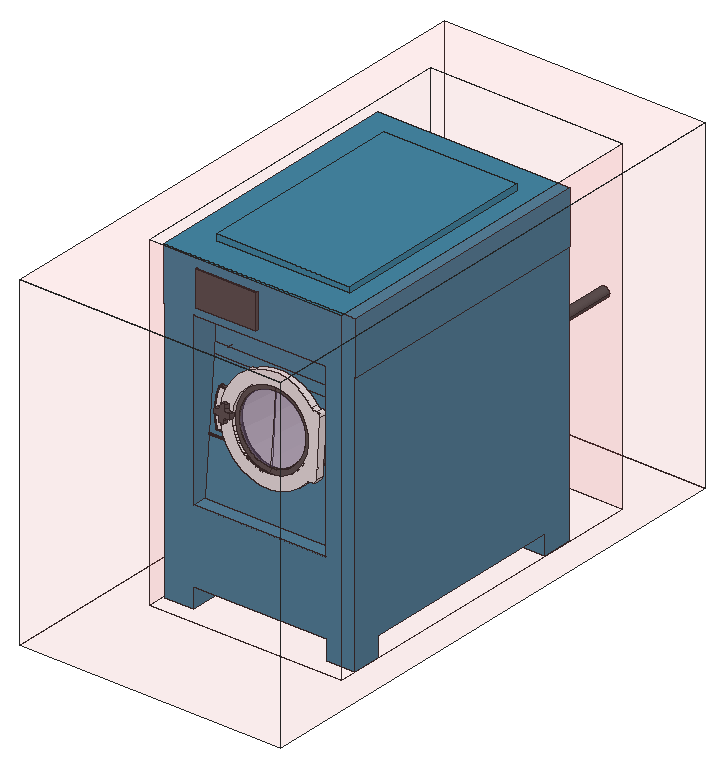
Revit family "Washer_Milnor_60lb-Capacity_MWF27", category Mechanical Equipment, Revit 2023
Family settings
  Round Connector Dimension = Use Diameter
  Part Type = Normal
  OmniClass Number = 23.45.70.11.14.11
  OmniClass Title = Washing Machines
  Work Plane-Based = Yes
  Always vertical = No
  Cut with Voids When Loaded = No
  Maintain Annotation Orientation = No
  Shared = No
  Room Calculation Point = No
Parameters (values of type "mwf27jab2014045d")
  doorgas = Door Opening + 0' 2 1/2"  # 1' - 6"
  Warranty Duration (Years) = 5
  Voltage_MEP = 44.5935 V
  Vibration Frequency = 0
  Unit Width = 3' - 3"
  Unit Weight = 1851
  Unit Height = 5' - 5 1/2"
  Unit Depth = 5' - 10 5/8"
  URL = "http://www.milnor.com/"
  Suspension Type = "Suspended"
  Standard Soap Chute = no
  Specification = "https://www.arcat.com/sd/clients/pellerin.html"
  SpecWizard = "https://www.arcat.com/specwizard/11110pmc/index04.htm"
  Send Message = "http://www.arcat.com/users.pl?action=UserEmail&company=Pellerin+Milnor+Corp.&coid=34740&rep=108&fax=504-468-3094&mf="
  Sales Information = "http://www.milnor.com/contact_us.aspx"
  Revision = "R1_08-2018"
  Product Properties = "https://www.arcat.com/arcatcos/cos34/arc34740.html"
  Product Data = "http://www.arcat.com/arcatcos/cos34/arc34740.html"
  Phase = 3
  Number of Poles = 1
  Model = "mwf27jab2014045d"
  Manufacturer Website = "http://www.milnor.com/"
  Manufacturer Phone - Toll Free = "800-469-8780"
  Manufacturer Phone = "504-467-9591"
  Manufacturer Fax = "504-468-3094"
  Manufacturer Address = "700 Jackson St.   Kenner, LA 70062"
  Manufacturer = "Pellerin Milnor Corp"
  Maintenance Schedule (Months) = 0
  MEP Amperage = 18.5 A
  Keynote = "11110"
  Interior Finish [instance] = Metal - Stainless Steel - Milnor - as Specified
  Installation-Fabrication = "https://www.arcat.com/catalogs/pellerin/pellerin.html"
  Installation Phase = ""
  Green Building-LEED = "https://www.arcat.com/green/green_building.shtml"
  Frequency = 60 Hz
  Extraction G-Force = "300 Gs"
  Expected Lifespan (Years) = 12
  Dynamic Load = 0.00 kip
  Drawn By = "Sumex Design, Inc. / Robert S. Weygant, CSI, CDT, SCIP"
  Door Opening = 1' - 3 1/2"
  Door Opening Depth = 1' - 5 3/4"
  Door Glazing [instance] = Glazing - Milnor - as Specified
  Door Finish [instance] = Metal - Stainless Steel - Milnor - Powder Coat as Specified
  Clearance Visible [instance] = yes
  Cabinet Front Doodads [instance] = Paint - Milnor - Black
  Description = "Milnor Commercial Washer Extractor"
  Default Elevation = 4' - 0"
  Cylinder Volume = 0.00 CF
  Cylinder Diameter = 2' - 6"
  Cylinder Depth = 1' - 10"
  Door Base from FF = 2' - 3 3/4"
  Copyright = "©Arcat Inc."
  Construction Details = "https://www.arcat.com/catalogs/pellerin/pellerin.html"
  Capacity = "60 lb"
  Cabinet Finish [instance] = Paint - Milnor - Blue
  Assembly Code = "E1010610"
  5 Compartment Supply = yes
Reference planes (in)
  plane 1 "Center (Front/Back)": y = 0
  plane 2 "Bottom": z = 0
  plane 3 "Center (Left/Right)": x = 0
  plane 4 "Front": y = -35.3125
  plane 5 "Back": y = 35.3125
  plane 6 "Left": x = -19.5
  plane 7 "Right": x = 19.5
  plane 8 "Top": z = 65.5
  plane 9: y = -53.0625
  plane 10: z = 27.75
  plane 11: y = 24.6875
  plane 12: x = -20.5
  plane 13: z = 78.98252
  plane 14: y = -28.3125
  plane 15: y = 2.95881
  plane 16: z = 70.35752
  plane 17: x = -15.875
  plane 18: x = 15.875
  plane 19: y = -25.35369
  plane 20: y = -4.58498
Forms (in)
  Extrusion 1, solid, material "Paint - Milnor - Blue" <- "Cabinet Finish"
    sketch origin (0, 0, 0) x (1, 0, 0) y (0, 0, 1)
      loop
        line (-19.5, 64.35752) -> (-19.5, 53.60752) -> (-19.1875, 53.60752) -> (-19.1875, 4) -> (19.1875, 4) -> (19.1875, 53.60752) -> (19.5, 53.60752) -> (19.5, 64.35752) -> (-19.5, 64.35752)
      loop
        line (-13.35373, 53.60752) -> (-13.35373, 19) -> (13.39627, 19) -> (13.39627, 53.60752) -> (-13.35373, 53.60752)
    from -21.95881 to 32.32761
  Extrusion 2, solid, material "Paint - Milnor - Blue" <- "Cabinet Finish"
    sketch origin (0, 0, 0) x (0, 1, 0) y (0, 0, 1)
      loop
        line (-30.5625, 6.82843) -> (21.95881, 6.82843) -> (21.95881, 15.82843) -> (21.19399, 15.82843) -> (21.19399, 53.60752) -> (-27.18521, 53.60752) -> (-27.18521, 46.47883)
        arc (-27.18521, 46.47883) -> (-27.20806, 45.43197) -> (-27.27654, 44.3871) r 24
        line (-27.27654, 44.3871) -> (-30.5625, 6.82843)
    from -15.22873 to 15.27127
  Extrusion 3, solid, material "Metal - Stainless Steel - Milnor - Powder Coat as Specified" <- "Door Finish"
    sketch origin (0, -30.5625, 6.82843) x (0, 0.087156, 0.996195) y (-1, 0, 0)
      loop
        circle (29.17799, 0) r 7.75
      loop
        arc (34.67948, -9.62729) -> (35.16456, -9.42637) -> (35.36549, -8.94129) r 0.68601
        line (35.36549, -8.94129) -> (35.36549, -8.65149)
        arc (35.36549, -8.65149) -> (35.47478, -8.19692) -> (35.77875, -7.84171) r 1
        arc (35.77875, -7.84171) -> (29.17799, 10.25) -> (22.57722, -7.84171) r 10.25
        arc (22.57722, -7.84171) -> (22.8812, -8.19692) -> (22.99049, -8.65149) r 1
        line (22.99049, -8.65149) -> (22.99049, -8.93979)
        arc (22.99049, -8.93979) -> (23.19185, -9.42593) -> (23.67799, -9.62729) r 0.6875
        line (23.67799, -9.62729) -> (34.67948, -9.62729)
    from 0 to 1.5
  Revolve 4, void
    sketch origin (0, 0, 0) x (0, 1, 0) y (0, 0, 1)
      loop
        line (-29.01567, 35.98254) -> (-5.35604, 33.91259) -> (-4.04871, 48.85551) -> (-25.96499, 50.77294) -> (-26.59687, 43.55053) -> (-28.34021, 43.70305) -> (-29.01567, 35.98254)
      axis (-29.01567, 35.98254) -> (-5.35604, 33.91259)
    angle from 0 to 360
  Extrusion 5, solid, material "Paint - Milnor - Black" <- "Cabinet Front Doodads"
    sketch origin (0, -32.32761, 0) x (1, 0, 0) y (0, 0, 1)
      loop
        line (-12.76387, 62.23611) -> (-12.76387, 55.23611) -> (-0.51387, 55.23611) -> (-0.51387, 62.23611) -> (-12.76387, 62.23611)
    from 0 to 0.33794
  Revolve 6, solid, material "Paint - Milnor - Black" <- "Cabinet Front Doodads"
    sketch origin (0, 0, 0) x (0, 1, 0) y (0, 0, 1)
      loop
        line (-27.84211, 43.65947) -> (-28.34021, 43.70305) -> (-28.42736, 42.70686) -> (-27.92927, 42.66328) -> (-27.84211, 43.65947)
      axis (-29.01567, 35.98254) -> (-28.51757, 35.93896)
    angle from 0 to 360
  Revolve 7, solid, material "Glazing - Milnor - as Specified" <- "Door Glazing"
    sketch origin (0, 0, 0) x (0, 1, 0) y (0, 0, 1)
      loop
        line (-28.51757, 35.93896) -> (-27.92927, 42.66328) -> (-28.30284, 42.69596) -> (-28.89114, 35.97165) -> (-28.51757, 35.93896)
      axis (-28.89114, 35.97165) -> (-28.51757, 35.93896)
    angle from 0 to 360
  Extrusion 8, solid, material "Paint - Milnor - Black"
    sketch origin (0, 0, 12) x (1, 0, 0) y (0, 0, 1)
      loop
        circle (15.8125, 26.25) r 0.375
      loop
        circle (15.8125, 22.125) r 0.375
      loop
        circle (15.8125, 18) r 0.375
      loop
        circle (15.8125, 13.875) r 0.375
      loop
        circle (15.8125, 8.875) r 0.375
    from -23.69767 to -21.19399
  Extrusion 9, solid, material "Paint - Milnor - Black"
    sketch origin (0, 0, 0) x (1, 0, 0) y (0, 0, 1)
      loop
        circle (-8, 10.6875) r 1.5
      loop
        circle (0, 37.95275) r 1.5
    from -23.69767 to -21.19399
  Extrusion 10, solid, material "Paint - Milnor - Black"
    sketch origin (0, 0, 12) x (1, 0, 0) y (0, 0, 1)
      loop
        circle (15.8125, 26.25) r 1
    from -35.3125 to -23.69767
  Extrusion 11, solid, material "Paint - Milnor - Black"
    sketch origin (0, 0, 0) x (1, 0, 0) y (0, 0, 1)
      loop
        circle (-17.625, 46.25) r 0.25
    from -21.95881 to -21.19399
  Extrusion 12, solid, material "Paint - Milnor - Black" <- "Cabinet Front Doodads", visible <- "5 Compartment Supply"
    sketch origin (0, 0, 0) x (0, 1, 0) y (0, 0, 1)
      loop
        line (-14.3125, 63.37839) -> (-14.3125, 55.37839) -> (2.25, 55.37839) -> (2.25, 63.37839) -> (-14.3125, 63.37839)
    from -19.5 to -19.68506
  Extrusion 13, solid, material "Paint - Milnor - Black" <- "Cabinet Front Doodads", visible <- "5 Compartment Supply"
    sketch origin (0, 3.55011, 1.0699) x (0, 1, 0) y (0, 0, 1)
      loop
        line (-11.8125, 61.16621) -> (-11.8125, 60.15664) -> (-7.35021, 60.15664) -> (-7.35021, 61.16621) -> (-11.8125, 61.16621)
    from -19.87858 to -19.68506
  Extrusion 14, solid, material "ARCAT Clearance", visible <- "Clearance Visible"
    sketch origin (-12.17672, -11.84008, 0) x (1, 0, 0) y (0, 1, 0)
      loop
        line (-15.26078, 60.65258) -> (-15.26078, -46.97242) -> (37.67672, -46.97242) -> (37.67672, 60.65258) -> (-15.26078, 60.65258)
      loop
        line (-7.32328, -24.00367) -> (31.67672, -24.00367) -> (31.67672, 47.15258) -> (-7.32328, 47.15258) -> (-7.32328, -24.00367)
    from 0 to 66.5
  Extrusion 15, solid, material "Paint - Milnor - Black"
    sketch origin (8.90408, -5.63596, 63.30195) x (-0.707107, 0.118069, 0.69718) y (-0.704416, -0.031688, -0.70908)
      loop
        line (-8.199, 34.28851) -> (-8.67775, 33.80976)
        arc (-8.67775, 33.80976) -> (-9.0313, 33.66332) -> (-9.38485, 33.80976) r 0.5
        line (-9.38485, 33.80976) -> (-9.8636, 34.28851)
        arc (-9.8636, 34.28851) -> (-10.26874, 33.98654) -> (-10.57071, 33.5814) r 1.75
        line (-10.57071, 33.5814) -> (-10.09196, 33.10266)
        arc (-10.09196, 33.10266) -> (-9.94551, 32.7491) -> (-10.09196, 32.39555) r 0.5
        line (-10.09196, 32.39555) -> (-10.57071, 31.9168)
        arc (-10.57071, 31.9168) -> (-10.26874, 31.51167) -> (-9.8636, 31.2097) r 1.75
        line (-9.8636, 31.2097) -> (-9.38485, 31.68844)
        arc (-9.38485, 31.68844) -> (-9.0313, 31.83489) -> (-8.67775, 31.68844) r 0.5
        line (-8.67775, 31.68844) -> (-8.199, 31.2097)
        arc (-8.199, 31.2097) -> (-7.79386, 31.51167) -> (-7.49189, 31.9168) r 1.75
        line (-7.49189, 31.9168) -> (-7.97064, 32.39555)
        arc (-7.97064, 32.39555) -> (-8.11709, 32.7491) -> (-7.97064, 33.10266) r 0.5
        line (-7.97064, 33.10266) -> (-7.49189, 33.5814)
        arc (-7.49189, 33.5814) -> (-7.79386, 33.98654) -> (-8.199, 34.28851) r 1.75
    from 22.02176 to 22.875
  Revolve 16, solid, material "Paint - Milnor - Black"
    sketch origin (0.5435, -30.0746, -0.55067) x (1, 0, 0) y (0, 0, 1)
      loop
        line (11.67473, 36.02686) -> (12.89396, 36.02686) -> (12.89396, 37.27686) -> (11.67473, 37.27686) -> (11.67473, 36.02686)
      axis (12.89396, 36.02686) -> (11.67473, 36.02686)
    angle from 0 to 360
  Extrusion 17, solid, material "Metal - Stainless Steel - Milnor - Powder Coat as Specified" <- "Door Finish"
    sketch origin (0, -2.64076, -2.32665) x (1, 0, 0) y (0, 0.081181, 0.996699)
      loop
        line (-9.60373, 32.23178) -> (-9.60373, 31.18742)
        arc (-9.60373, 31.18742) -> (-9.75017, 30.83387) -> (-10.10373, 30.68742) r 0.5
        line (-10.10373, 30.68742) -> (-13.35373, 30.68742) -> (-13.35373, 30.43742) -> (-10.10373, 30.43742)
        arc (-10.10373, 30.43742) -> (-9.5734, 30.65709) -> (-9.35373, 31.18742) r 0.75
        line (-9.35373, 31.18742) -> (-9.35373, 32.23178) -> (-9.60373, 32.23178)
    from 28.4349 to 28.664
  Extrusion 18, solid, material "Paint - Milnor - Black" <- "Cabinet Front Doodads"
    sketch origin (0.1258, -10.17811, 1.47739) x (1, 0, 0) y (0, 0.087156, 0.996195)
      loop
        line (-9.58301, 36.55903) -> (-11.18344, 36.55903)
        arc (-11.18344, 36.55903) -> (-11.33015, 36.51146) -> (-11.42102, 36.38685) r 0.25
        arc (-11.42102, 36.38685) -> (-12.00157, 32.7491) -> (-11.42102, 29.11136) r 11.68741
        arc (-11.42102, 29.11136) -> (-11.33015, 28.98675) -> (-11.18344, 28.93918) r 0.25
        line (-11.18344, 28.93918) -> (-9.58301, 28.93918)
        arc (-9.58301, 28.93918) -> (-9.60759, 29.0016) -> (-9.63177, 29.06418) r 10.3126
        line (-9.63177, 29.06418) -> (-11.18344, 29.06418)
        arc (-11.18344, 29.06418) -> (-11.2568, 29.08796) -> (-11.30223, 29.15027) r 0.125
        arc (-11.30223, 29.15027) -> (-11.87657, 32.7491) -> (-11.30223, 36.34794) r 11.56241
        arc (-11.30223, 36.34794) -> (-11.2568, 36.41025) -> (-11.18344, 36.43403) r 0.125
        line (-11.18344, 36.43403) -> (-9.63177, 36.43403)
        arc (-9.63177, 36.43403) -> (-9.60759, 36.49661) -> (-9.58301, 36.55903) r 10.3126
    from 20.77469 to 21.77823
  Extrusion 19, solid, material "Metal - Stainless Steel - Milnor - Powder Coat as Specified" <- "Door Finish"
    sketch origin (0.1258, -10.17811, 1.47739) x (1, 0, 0) y (0, 0.087156, 0.996195)
      loop
        line (-9.63177, 36.43403) -> (-11.18344, 36.43403)
        arc (-11.18344, 36.43403) -> (-11.2568, 36.41025) -> (-11.30223, 36.34794) r 0.125
        arc (-11.30223, 36.34794) -> (-11.87657, 32.7491) -> (-11.30223, 29.15027) r 11.56241
        arc (-11.30223, 29.15027) -> (-11.2568, 29.08796) -> (-11.18344, 29.06418) r 0.125
        line (-11.18344, 29.06418) -> (-9.63177, 29.06418)
        arc (-9.63177, 29.06418) -> (-10.3126, 32.7491) -> (-9.63177, 36.43403) r 10.3126
    from 20.77469 to 21.77823
  Extrusion 20, solid, material "Paint - Milnor - Blue" <- "Cabinet Finish"
    sketch origin (0, 0, 0) x (1, 0, 0) y (0, 1, 0)
      loop
        line (-13.5, -32.32761) -> (-13.5, -26.32761) -> (-19.1875, -26.32761) -> (-19.1875, -32.32761) -> (-13.5, -32.32761)
      loop
        line (13.5, -32.32761) -> (19.1875, -32.32761) -> (19.1875, -26.32761) -> (13.5, -26.32761) -> (13.5, -32.32761)
      loop
        line (-13.5, 21.95881) -> (-19.1875, 21.95881) -> (-19.1875, 15.95881) -> (-13.5, 15.95881) -> (-13.5, 21.95881)
      loop
        line (13.5, 21.95881) -> (13.5, 15.95881) -> (19.1875, 15.95881) -> (19.1875, 21.95881) -> (13.5, 21.95881)
    from 0 to 4
  Extrusion 21, solid, material "Paint - Milnor - Black" <- "Cabinet Front Doodads", visible <- "Standard Soap Chute"
    sketch origin (1.3125, 0, 0) x (0, 1, 0) y (0, 0, 1)
      loop
        line (-1.71125, 63.37839) -> (-1.71125, 55.37839) -> (6.28875, 55.37839) -> (6.28875, 63.37839) -> (-1.71125, 63.37839)
    from -20.8125 to -21.04456
  Extrusion 22, solid, material "Paint - Milnor - Black" <- "Cabinet Front Doodads", visible <- "Standard Soap Chute"
    sketch origin (1.3125, 0, 0) x (0, 1, 0) y (0, 0, 1)
      loop
        line (-0.8303, 62.30849) -> (-0.8303, 59.55849) -> (5.4197, 59.55849) -> (5.4197, 62.30849) -> (-0.8303, 62.30849)
    from -21.24259 to -21.04456
  Extrusion 23, solid, material "Paint - Milnor - Blue" <- "Cabinet Finish"
    sketch origin (0, 0, 0) x (1, 0, 0) y (0, 1, 0)
      loop
        line (-13.5, 15.95881) -> (-13.5, -26.32761) -> (13.5, -26.32761) -> (13.5, 15.95881) -> (-13.5, 15.95881)
    from 64.35752 to 65.5
Cuts and joins
  Revolve 4 cuts Extrusion 1
  Revolve 4 cuts Extrusion 2
  joined: Extrusion 1, Extrusion 2, Extrusion 20
  Revolve 4 cuts Extrusion 3
Lines and regions (in)
  symbolic lines, style "MechanicalEquipmentHiddenLines"
    curve 1: line (11.5, -53.0625, 0) -> (11.5, -31.0625, 0)
    curve 2: line (0, -32.8125, 61.73611) -> (0, -58.8125, 61.73611)
    curve 3: line (0, -58.8125, 61.73611) -> (0, -58.8125, 52.73611)
    curve 4: line (0, -58.8125, 52.73611) -> (0, -32.32761, 52.73611)
    curve 5: spline (0, -36.97355, 46.32551) -> (0, -40.70711, 46.97905) -> (0, -44.45902, 46.43981) -> (0, -47.85487, 44.76159) -> (0, -50.55581, 42.11186) -> (0, -52.29228, 38.75505) -> (0, -52.89103, 35.02612) -> (0, -52.29228, 31.29719) -> (0, -50.55581, 27.94038) -> (0, -47.85487, 25.29065) -> (0, -44.45902, 23.61243) -> (0, -40.70711, 23.07319) -> (0, -36.97355, 23.72673)
    curve 6: line (0, -28.01947, 43.24473) -> (0, -36.97355, 46.32551)
    curve 7: line (0, -28.01947, 27.67678) -> (0, -36.97355, 23.596)
    curve 8: spline (0, -40.89103, 27.30561) -> (0, -42.89688, 27.56868) -> (0, -44.76603, 28.33996) -> (0, -46.37111, 29.5669) -> (0, -47.60272, 31.16586) -> (0, -48.37695, 33.0279) -> (0, -48.64103, 35.02612) -> (0, -48.37695, 37.02433) -> (0, -47.60272, 38.88637) -> (0, -46.37111, 40.48534) -> (0, -44.76603, 41.71228) -> (0, -42.89688, 42.48356) -> (0, -40.89103, 42.74663)
    curve 9: spline (0, -40.89103, 42.74663) -> (0, -38.88518, 42.48356) -> (0, -37.01603, 41.71228) -> (0, -35.41095, 40.48534) -> (0, -34.17933, 38.88637) -> (0, -33.4051, 37.02433) -> (0, -33.14103, 35.02612) -> (0, -33.4051, 33.0279) -> (0, -34.17933, 31.16586) -> (0, -35.41095, 29.5669) -> (0, -37.01603, 28.33996) -> (0, -38.88518, 27.56868) -> (0, -40.89103, 27.30561)
    curve 10: line (0, 48.8125, 44) -> (0, 48.8125, 61)
    curve 11: line (0, 48.8125, 61) -> (0, 21.95881, 61)
    curve 12: line (0, 48.8125, 44) -> (0, 21.95881, 44)
    curve 13: arc (11.5, -53.0625, 0) -> (-6, -45.81376, 0) -> (-13.24874, -28.31376, 0) r 24.74874
    curve 14: line (-11.4375, 21.19399, 0) -> (-11.4375, 48.8125, 0)
    curve 15: arc (-11.4375, 48.8125, 0) -> (7.65438, 40.90438, 0) -> (15.5625, 21.8125, 0) r 27
Dimensions and locks (in)
  equal spacing: plane 6 "Left", plane 3 "Center (Left/Right)", plane 7 "Right"
  "Unit Width": plane 6 "Left" to plane 7 "Right"
  equal spacing: plane 5 "Back", plane 1 "Center (Front/Back)", plane 4 "Front"
  "Unit Depth": plane 5 "Back" to plane 4 "Front"
  "Unit Height": plane 8 "Top" to level
  "Door Opening Depth": plane 4 "Front" to plane 9
  "Door Base from FF": plane 10 to level
  Extrusion 8 sketch curve to level = 3' - 2 1/4"
  Extrusion 8 sketch curve to level = 2' - 10 1/8"
  Extrusion 8 sketch curve to level = 2' - 6"
  plane 3 "Center (Left/Right)" to Extrusion 11 sketch curve = 1' - 5 5/8"
  Extrusion 11 sketch curve to level = 3' - 10 1/4"
  locked: plane 14 to plane 4 "Front" at 7
  locked: plane 11 to plane 15 at 21.72869
  locked: plane 17 to plane 6 "Left" at 3.625
  locked: plane 18 to plane 7 "Right" at 3.625
  locked: plane 13 to plane 16 at 8.625
  locked: plane 16 to cut or joined group of Extrusion 1, Extrusion 2, Revolve 4, Extrusion 20 at 6
  locked: plane 19 to plane 14 at 2.95881
  locked: plane 15 to plane 20 at 7.54378
  Extrusion 20 to curve 3 = 2' - 2.48489"
  aligned and locked: plane 5 "Back" to Extrusion 14 sketch curve
  aligned and locked: Extrusion 20 to level
  aligned and locked: plane 6 "Left" to Extrusion 12
Automatic sketch dimensions
  curve 1 to plane 9 = 0' - 0"
  curve 15 to plane 17 = 0' - 4 7/16"
  curve 13 to plane 14 = 0' - 0.00126"
  curve 13 to plane 18 = 0' - 4 3/8"
  plane 11 to curve 15 = 0' - 2 7/8"
  plane 5 "Back" to curve 14 = 1' - 1 1/2"
  curve 1 to curve 13 = 0' - 2.74874"
  curve 14 to curve 15 = 0' - 0.61851"
  curve 6 to plane 4 "Front" = 0' - 1.66105"
  plane 5 "Back" to curve 10 = 1' - 1 1/2"
  curve 12 to plane 10 = 1' - 4 1/4"
  curve 6 to plane 10 = 1' - 6.57551"
  curve 4 to plane 8 "Top" = 1' - 0.76389"
  curve 10 to plane 8 "Top" = 0' - 4 1/2"
  curve 3 to plane 8 "Top" = 0' - 3.76389"
  plane 9 to curve 5 = 0' - 0.17147"
  curve 5 to curve 9 = 0' - 4 1/4"
  curve 8 to curve 9 = 0' - 0"
  curve 8 to curve 6 = 0' - 3.91747"
  curve 5 to curve 9 = 0' - 0"
  curve 7 to plane 4 "Front" = 0' - 1.66105"
  curve 5 to curve 7 = 0' - 0"
  plane 4 "Front" to curve 2 = 0' - 2 1/2"
  plane 4 "Front" to curve 4 = 0' - 2.98489"
  plane 14 to curve 6 = 0' - 0.29303"
  plane 10 to curve 7 = 0' - 0.07322"
  plane 14 to curve 7 = 0' - 0.29303"
  plane 11 to curve 11 = 0' - 2.72869"
  plane 11 to curve 12 = 0' - 2.72869"
  curve 6 to curve 5 = 0' - 3.08078"
  curve 8 to curve 6 = 0' - 3.57888"
  curve 8 to plane 10 = 0' - 7.27612"
  curve 5 to curve 8 = 0' - 0"
  curve 7 to curve 5 = 0' - 0.13073"
  Extrusion 1 sketch curve to plane 6 "Left" = 0' - 0"
  Extrusion 1 sketch curve to plane 7 "Right" = 0' - 0"
  plane 6 "Left" to Extrusion 1 sketch curve = 0' - 0 5/16"
  Extrusion 1 sketch curve to plane 17 = 0' - 2.52127"
  Extrusion 1 sketch curve to plane 18 = 0' - 2.47873"
  Extrusion 1 sketch curve to plane 7 "Right" = 0' - 0 5/16"
  level to Extrusion 1 sketch curve = 0' - 4"
  plane 10 to Extrusion 1 sketch curve = 0' - 8 3/4"
  Extrusion 1 sketch curve to plane 8 "Top" = 0' - 11.89248"  (x2)
  Extrusion 1 sketch curve to Extrusion 1 sketch curve = 0' - 0"
  Extrusion 1 sketch curve to plane 8 "Top" = 0' - 1.14248"
  plane 9 to Extrusion 2 sketch curve = 0' - 1.87729"
  Extrusion 2 sketch curve to plane 14 = 0' - 2 1/4"
  plane 14 to Extrusion 2 sketch curve = 0' - 1.03596"
  plane 14 to Extrusion 2 sketch curve = 0' - 1.12729"
  plane 11 to Extrusion 2 sketch curve = 0' - 3.49351"
  Extrusion 2 sketch curve to Extrusion 2 sketch curve = 0' - 0.76482"
  level to Extrusion 2 sketch curve = 0' - 6.82843"
  Extrusion 2 sketch curve to Extrusion 2 sketch curve = 0' - 9"
  Extrusion 2 sketch curve to plane 10 = 1' - 4.6371"
  Extrusion 2 sketch curve to plane 8 "Top" = 0' - 11.89248"
  Extrusion 3 sketch curve to Extrusion 3 sketch curve = 0' - 0"  (x2)
  Extrusion 2 to Extrusion 3 sketch curve = 0' - 6.61978"  (x2)
  Extrusion 3 sketch curve to Extrusion 2 = 1' - 3.71165"
  Extrusion 3 sketch curve to Extrusion 3 sketch curve = 0' - 1"  (x2)
  Extrusion 3 sketch curve to Extrusion 3 sketch curve = 0' - 0 11/16"
  Extrusion 3 sketch curve to Extrusion 2 = 0' - 8.52415"
  Extrusion 3 sketch curve to Extrusion 2 = 0' - 3.02265"
  Extrusion 3 sketch curve to Extrusion 3 sketch curve = 0' - 0.68601"
  Extrusion 3 sketch curve to Extrusion 3 sketch curve = 0' - 0.28831"
  Extrusion 3 sketch curve to Extrusion 3 sketch curve = 0' - 8.93979"
  Extrusion 3 sketch curve to Extrusion 3 sketch curve = 0' - 0.41327"
  Revolve 4 sketch curve to plane 14 = 0' - 0.70317"
  Revolve 4 sketch curve to plane 14 = 0' - 0.02771"
  Revolve 4 sketch curve to plane 19 = 0' - 1.24318"
  Revolve 4 sketch curve to plane 19 = 0' - 0.6113"
  Revolve 4 sketch curve to plane 20 = 0' - 0.77106"
  Revolve 4 sketch curve to plane 10 = 0' - 6.16259"
  Revolve 4 sketch curve to Revolve 4 sketch curve = 0' - 2.06995"
  plane 14 to Revolve 4 sketch curve = 0' - 0.29303"
  Revolve 4 sketch curve to Revolve 4 sketch curve = 0' - 0.24905"
  Revolve 4 sketch curve to Revolve 4 sketch curve = 0' - 0.02179"
  Revolve 4 sketch curve to Revolve 4 sketch curve = 0' - 0.08716"
  Extrusion 1 to Extrusion 5 sketch curve = 0' - 0 151/256"
  Extrusion 5 sketch curve to Extrusion 1 = 0' - 1.62859"
  Extrusion 5 sketch curve to Extrusion 5 sketch curve = 1' - 0 1/4"
  Extrusion 5 sketch curve to Extrusion 1 = 0' - 2.12141"
  Revolve 6 sketch curve to plane 14 = 0' - 0.11486"
  Revolve 6 sketch curve to plane 14 = 0' - 0.02771"
  plane 14 to Revolve 6 sketch curve = 0' - 0.38323"
  Revolve 6 sketch curve to plane 10 = 1' - 2.91328"
  Revolve 6 sketch curve to Revolve 6 sketch curve = 0' - 0.04358"
  plane 14 to Revolve 6 sketch curve = 0' - 0.29303"
  plane 19 to Revolve 6 sketch curve = 0' - 7.04712"
  Revolve 6 sketch curve to Revolve 6 sketch curve = 0' - 6.76789"
  Revolve 6 sketch curve to plane 10 = 0' - 7.29562"
  Revolve 7 sketch curve to plane 14 = 0' - 0.57864"
  Revolve 7 sketch curve to plane 14 = 0' - 0.20507"
  plane 14 to Revolve 7 sketch curve = 0' - 0.00966"
  Revolve 7 sketch curve to plane 10 = 0' - 8.18896"
  Revolve 7 sketch curve to Revolve 7 sketch curve = 0' - 0.03268"
  Revolve 7 sketch curve to Revolve 7 sketch curve = 0' - 0"  (x2)
  plane 19 to Revolve 7 sketch curve = 0' - 4.05854"
  Revolve 7 sketch curve to Revolve 7 sketch curve = 0' - 0.63188"
  Extrusion 8 sketch curve to plane 18 = 0' - 0 1/16"  (x5)
  plane 10 to Extrusion 8 sketch curve = 0' - 1 7/8"
  Extrusion 8 sketch curve to Extrusion 8 sketch curve = 0' - 5"
  Extrusion 9 sketch curve to plane 3 "Center (Left/Right)" = 0' - 0"
  Extrusion 9 sketch curve to plane 17 = 0' - 7 7/8"
  level to Extrusion 9 sketch curve = 0' - 10 11/16"
  Extrusion 9 sketch curve to plane 10 = 0' - 10.20275"
  Extrusion 10 sketch curve to plane 18 = 0' - 0 1/16"
  Extrusion 10 sketch curve to plane 10 = 0' - 10 1/2"
  Extrusion 12 sketch curve to plane 20 = 0' - 9.72752"
  Extrusion 12 sketch curve to plane 15 = 0' - 0.70881"
  Extrusion 12 sketch curve to plane 8 "Top" = 0' - 10.12161"
  Extrusion 12 sketch curve to plane 8 "Top" = 0' - 2.12161"
  Extrusion 13 sketch curve to plane 20 = 0' - 3.67742"
  plane 20 to Extrusion 13 sketch curve = 0' - 0.78487"
  Extrusion 13 sketch curve to plane 8 "Top" = 0' - 4.27346"
  Extrusion 13 sketch curve to Extrusion 13 sketch curve = 0' - 1.00957"
  Extrusion 14 sketch curve to plane 6 "Left" = 0' - 0"
  Extrusion 14 sketch curve to plane 7 "Right" = 0' - 0"
  plane 12 to Extrusion 14 sketch curve = 0' - 6 15/16"
  plane 7 "Right" to Extrusion 14 sketch curve = 0' - 6"
  Extrusion 14 sketch curve to plane 4 "Front" = 0' - 0 17/32"
  Extrusion 14 sketch curve to plane 9 = 0' - 5 3/4"
  plane 5 "Back" to Extrusion 14 sketch curve = 1' - 1 1/2"
  Extrusion 15 sketch curve to Extrusion 15 sketch curve = 0' - 0"  (x15)
  Extrusion 15 sketch curve to Extrusion 15 sketch curve = 0' - 0.12519"  (x2)
  Extrusion 15 sketch curve to Extrusion 15 sketch curve = 0' - 0.35355"  (x12)
  Extrusion 15 sketch curve to Extrusion 15 sketch curve = 0' - 0.70711"  (x4)
  Extrusion 15 sketch curve to Extrusion 15 sketch curve = 0' - 0.47875"  (x11)
  Revolve 16 sketch curve to plane 18 = 0' - 3.65677"
  Revolve 16 sketch curve to Revolve 16 sketch curve = 0' - 1.21922"
  Revolve 16 sketch curve to plane 10 = 0' - 7.7262"
  Revolve 16 sketch curve to Revolve 16 sketch curve = 0' - 1 1/4"
  Revolve 16 sketch curve to Revolve 16 sketch curve = 0' - 0.24769"
  Revolve 16 sketch curve to Revolve 16 sketch curve = 0' - 0.50231"
  Revolve 16 sketch curve to Revolve 16 sketch curve = 0' - 0"
  Extrusion 17 sketch curve to Extrusion 17 sketch curve = 0' - 0"  (x2)
  Extrusion 17 sketch curve to plane 17 = 0' - 2.52127"
  Extrusion 17 sketch curve to Extrusion 17 sketch curve = 0' - 3 1/4"
  Extrusion 17 sketch curve to Extrusion 17 sketch curve = 0' - 0 1/2"
  Extrusion 17 sketch curve to Extrusion 17 sketch curve = 0' - 0 1/4"
  Extrusion 17 sketch curve to Extrusion 17 sketch curve = 0' - 1.04436"
  Extrusion 18 sketch curve to Extrusion 18 sketch curve = 0' - 0"  (x11)
  Extrusion 18 sketch curve to plane 17 = 0' - 4.81736"  (x2)
  Extrusion 18 sketch curve to Extrusion 18 sketch curve = 0' - 1.55167"  (x2)
  Extrusion 18 sketch curve to Extrusion 18 sketch curve = 0' - 0.04876"  (x2)
  Extrusion 18 sketch curve to plane 3 "Center (Left/Right)" = 0' - 0.18837"
  plane 3 "Center (Left/Right)" to Extrusion 18 sketch curve = 0' - 0.1258"
  Extrusion 18 sketch curve to Extrusion 18 sketch curve = 0' - 0 1/8"  (x3)
  Extrusion 18 sketch curve to Extrusion 18 sketch curve = 0' - 7.11986"
  Extrusion 19 sketch curve to plane 17 = 0' - 4.81736"  (x2)
  Extrusion 19 sketch curve to Extrusion 19 sketch curve = 0' - 1.55167"  (x2)
  Extrusion 19 sketch curve to plane 3 "Center (Left/Right)" = 0' - 0.18837"
  plane 3 "Center (Left/Right)" to Extrusion 19 sketch curve = 0' - 0.1258"
  Extrusion 19 sketch curve to Extrusion 19 sketch curve = 0' - 0 1/8"  (x2)
  Extrusion 19 sketch curve to Extrusion 19 sketch curve = 0' - 3.68493"
  Extrusion 19 sketch curve to Extrusion 19 sketch curve = 0' - 0"  (x2)
  plane 6 "Left" to Extrusion 20 sketch curve = 0' - 0 5/16"  (x2)
  Extrusion 20 sketch curve to plane 17 = 0' - 2 3/8"  (x2)
  Extrusion 20 sketch curve to plane 18 = 0' - 2 3/8"  (x2)
  Extrusion 20 sketch curve to plane 19 = 0' - 0.97392"  (x2)
  Extrusion 20 sketch curve to plane 7 "Right" = 0' - 0 5/16"  (x2)
  plane 4 "Front" to Extrusion 20 sketch curve = 0' - 2.98489"  (x2)
  plane 11 to Extrusion 20 sketch curve = 0' - 8.72869"  (x2)
  plane 11 to Extrusion 20 sketch curve = 0' - 2.72869"  (x2)
  plane 1 "Center (Front/Back)" to Extrusion 21 sketch curve = 0' - 1.71125"
  plane 15 to Extrusion 21 sketch curve = 0' - 3.32994"
  Extrusion 21 sketch curve to plane 8 "Top" = 0' - 10.12161"
  Extrusion 21 sketch curve to plane 8 "Top" = 0' - 2.12161"
  plane 1 "Center (Front/Back)" to Extrusion 22 sketch curve = 0' - 0.8303"
  plane 15 to Extrusion 22 sketch curve = 0' - 2.46089"
  Extrusion 22 sketch curve to plane 8 "Top" = 0' - 5.94151"
  Extrusion 22 sketch curve to Extrusion 22 sketch curve = 0' - 2 3/4"
  plane 6 "Left" to Extrusion 23 sketch curve = 0' - 6"
  Extrusion 23 sketch curve to plane 7 "Right" = 0' - 6"
  Extrusion 23 sketch curve to plane 19 = 0' - 0.97392"
  plane 11 to Extrusion 23 sketch curve = 0' - 8.72869"
  radius of Extrusion 3 sketch curve = 0' - 7 3/4"
  radius of Extrusion 8 sketch curve = 0' - 0 3/8"  (x5)
  radius of Extrusion 9 sketch curve = 0' - 1 1/2"  (x2)
  radius of Extrusion 10 sketch curve = 0' - 1"
  radius of Extrusion 11 sketch curve = 0' - 0 1/4"
Connectors (in)
  piping at (-8, 23.69767, 10.6875), diameter 3
    settings: on Extrusion 9, index 1, connector inside diameter 3", connector length 0' - 0", flow factor 0, pipe flow 0 GPM, pressure drop 0.00 psi, fitting loss kfactor 0, connector angle 0.00°, fixture units 0, engagement length 0' - 0", angle of deflection 0.00°, flow configuration 0, flow direction 2, fitting loss method 0, system type 16, joint type 0, gender type 0, connector reference index -1, connector utility 0, adjustable connector no, is connector primary yes, connector description "Drain"
  piping at (15.8125, 35.3125, 38.25), diameter 0.75
    settings: on Extrusion 10, index 2, connector inside diameter 3/4", connector length 0' - 0", flow factor 0, pipe flow 0 GPM, pressure drop 0.00 psi, fitting loss kfactor 0, connector angle 0.00°, fixture units 0, engagement length 0' - 0", angle of deflection 0.00°, flow configuration 0, flow direction 1, fitting loss method 0, system type 19, joint type 0, gender type 0, connector reference index -1, connector utility 0, adjustable connector no, is connector primary no, connector description "DHW Chemical Flush"
  piping at (15.8125, 23.69767, 34.125), diameter 0.75
    settings: on Extrusion 8, index 3, connector inside diameter 3/4", connector length 0' - 0", flow factor 0, pipe flow 0 GPM, pressure drop 0.00 psi, fitting loss kfactor 0, connector angle 0.00°, fixture units 0, engagement length 0' - 0", angle of deflection 0.00°, flow configuration 0, flow direction 1, fitting loss method 0, system type 19, joint type 0, gender type 0, connector reference index -1, connector utility 0, adjustable connector no, is connector primary no, connector description "DHW Inlet"
  piping at (15.8125, 23.69767, 30), diameter 0.75
    settings: on Extrusion 8, index 4, connector inside diameter 3/4", connector length 0' - 0", flow factor 0, pipe flow 0 GPM, pressure drop 0.00 psi, fitting loss kfactor 0, connector angle 0.00°, fixture units 0, engagement length 0' - 0", angle of deflection 0.00°, flow configuration 0, flow direction 1, fitting loss method 0, system type 20, joint type 0, gender type 0, connector reference index -1, connector utility 0, adjustable connector no, is connector primary no, connector description "DCW Inlet"
  electrical at (-17.625, 21.95881, 46.25)
    settings: on Extrusion 11, index 5, voltage 0 V, apparent load 0 VA, apparent load phase1 0 VA, apparent load phase2 0 VA, apparent load phase3 0 VA, power factor 1, load classification "Other", number of poles 1, system type 31, power factor state 1, is connector primary yes, connector utility no, sub classification motor no, connector description ""
  piping at (15.8125, 23.69767, 25.875), diameter 0.75
    settings: on Extrusion 8, index 6, connector inside diameter 24", connector length 0' - 0", flow factor 0, pipe flow 0 GPM, pressure drop 0.00 psi, fitting loss kfactor 0, connector angle 0.00°, fixture units 0, engagement length 0' - 0", angle of deflection 0.00°, flow configuration 0, flow direction 1, fitting loss method 0, system type 22, joint type 0, gender type 0, connector reference index -1, connector utility 0, adjustable connector no, is connector primary no, connector description ""
  piping at (15.8125, 23.69767, 20.875), diameter 0.75
    settings: on Extrusion 8, index 7, connector inside diameter 24", connector length 0' - 0", flow factor 0, pipe flow 0 GPM, pressure drop 0.00 psi, fitting loss kfactor 0, connector angle 0.00°, fixture units 0, engagement length 0' - 0", angle of deflection 0.00°, flow configuration 0, flow direction 1, fitting loss method 0, system type 7, joint type 0, gender type 0, connector reference index -1, connector utility 0, adjustable connector no, is connector primary no, connector description ""
  piping at (0, 23.69767, 37.95275), diameter 3
    settings: on Extrusion 9, index 8, connector inside diameter 24", connector length 0' - 0", flow factor 0, pipe flow 0 GPM, pressure drop 0.00 psi, fitting loss kfactor 0, connector angle 0.00°, fixture units 0, engagement length 0' - 0", angle of deflection 0.00°, flow configuration 0, flow direction 2, fitting loss method 0, system type 17, joint type 0, gender type 0, connector reference index -1, connector utility 0, adjustable connector no, is connector primary no, connector description ""
